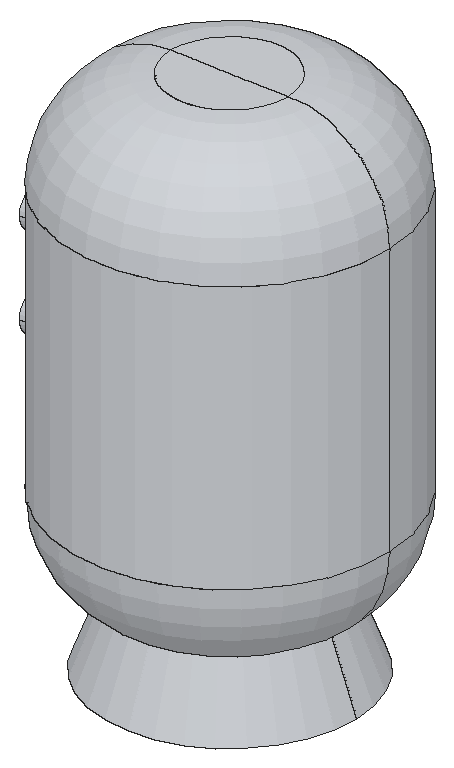
Revit family "M_Filtro de areia", category Equipamento mecânico, Revit 2019
Family settings
  Cota do conector redondo = Usar raio
  Tipo de parte = Normal
  Número OmniClass = 23.65.50.11.11.11
  Título OmniClass = Water Filters
  ID de item do Seek = Sand Filter-0000-CAN-ENU
  Com base no plano de trabalho = Não
  Sempre na vertical = Sim
  Corte com vazios quando carregada = Não
  Compartilhado = Não
  Ponto de cálculo do ambiente = Não
Parameters (values of type "2.52 LPS")
  Raio do filtro de areia = 1 / 2 * Diâmetro do filtro de areia  # 240 mm
  Altura do filtro de areia = 800 mm
  Diâmetro do filtro de areia = 480 mm
  Raio 2 = Raio do filtro de areia - 50 mm  # 190 mm
  Raio 1 = Raio do filtro de areia - 89 mm  # 151 mm
  Queda de pressão [instance] = 1970.0 Pa
  Raio da saída = 25 mm
  Diâmetro da saída = Raio da saída * 2  # 50 mm
  Raio da embocadura = 25 mm
  Diâmetro da embocadura = Raio da embocadura * 2  # 50 mm
  Fluxo [instance] = 2.52 L/s
  Material do filtro = none
  Altura do conector 2 = 520 mm
  Altura do conector 1 = 380 mm
Types (5, lengths in mm): name | Raio do filtro de areia | Altura do filtro de areia | Diâmetro do filtro de areia | Raio 2 | Raio 1 | Queda de pressão | Fluxo | Altura do conector 2 | Altura do conector 1
  (no name) | 240 | 800 | 480 | 190 | 151 | 1970.0 Pa | 2.52 L/s | 520 | 380
  2.52 LPS | 240 | 800 | 480 | 190 | 151 | 1970.0 Pa | 2.52 L/s | 520 | 380
  3.15 LPS | 262.5 | 1000 | 525 | 212.5 | 173.5 | 2320.0 Pa | 3.15 L/s | 650 | 450
  6.31 LPS | 300 | 1160 | 600 | 250 | 211 | 2610.0 Pa | 6.31 L/s | 750 | 500
  8.83 LPS | 470 | 1320 | 940 | 420 | 381 | 2940.0 Pa | 8.83 L/s | 850 | 550
Reference planes
  plane 1 "Centro (Frente/Trás)": y = 0
  plane 2: z = 0
  plane 3 "Centro (Esquerda/Direita)": x = 0
  plane 4: z = 101.6
  plane 5: x = -240
  plane 6: x = 240
  plane 7: x = -151.1
  plane 8: x = 151.1
  plane 9: z = 241.3
  plane 10: z = 800
  plane 11: z = 647.6
  plane 12: x = -87.6
  plane 13: x = 87.6
  plane 14: z = 380
  plane 15: z = 520
  plane 16: x = -290.8
  plane 17: x = -85.4
  plane 18: z = 86.7
Forms (mm)
  Blend 1, solid, material <- "Material do filtro"
    base sketch origin (0, 0, 0) x (1, 0, 0) y (0, 1, 0)
      loop
        circle (0, 0) r 151
    top sketch origin (0, 0, 0) x (1, 0, 0) y (0, 1, 0)
      loop
        circle (0, 0) r 190
    from 101.6 to 0
  Extrusion 2, solid, material <- "Material do filtro"
    sketch origin (0, 0, 0) x (0, 1, 0) y (0, 0, 1)
      loop
        circle (0, 520) r 30.162
    from -290.8 to -151.1
  Extrusion 3, solid, material <- "Material do filtro"
    sketch origin (0, 0, 0) x (0, 1, 0) y (0, 0, 1)
      loop
        circle (0, 380) r 30.163
    from -290.8 to -151.1
  Revolve 4, solid, material <- "Material do filtro"
    sketch origin (0, 0, 0) x (1, 0, 0) y (0, 0, 1)
      loop
        line (0, 800) -> (-88, 800)
        arc (-88, 800) -> (-195.48, 755.48) -> (-240, 648) r 152
        line (-240, 648) -> (-240, 241.3)
        arc (-240, 241.3) -> (-216.05, 158.645) -> (-151.62, 101.6) r 154.6
        line (-151.62, 101.6) -> (0, 101.6) -> (0, 800)
      axis (0, 800) -> (0, 101.6)
    angle from 0 to 360
Cuts and joins
  joined: Extrusion 2, Extrusion 3, Revolve 4
Lines and regions (mm)
  symbolic lines
    curve 1: circle (0, 0, 0) r 240 normal (0, 0, 1)
Dimensions and locks
  locked: plane 4 to plane 2 at 101.6
  equal spacing: plane 5, plane 3 "Centro (Esquerda/Direita)", plane 6
  "Raio do filtro de areia": plane 5 to plane 3 "Centro (Esquerda/Direita)"
  equal spacing: plane 6, plane 3 "Centro (Esquerda/Direita)", plane 5
  "Raio do filtro de areia": plane 3 "Centro (Esquerda/Direita)" to plane 5
  locked: plane 7 to plane 5 at 88.9
  locked: plane 6 to plane 8 at 88.9
  locked: plane 9 to plane 4 at 139.7
  "Altura do filtro de areia": plane 10 to plane 2
  locked: plane 10 to plane 11 at 152.4
  locked: plane 12 to plane 5 at 152.4
  locked: plane 6 to plane 13 at 152.4
  "Altura do conector 1": plane 14 to plane 2
  "Altura do conector 2": plane 15 to plane 2
  locked: plane 5 to plane 16 at 50.8
  locked: plane 9 to plane 18 at 154.6
  locked: plane 17 to plane 5 at 154.6
  "Raio 1": radius of Blend 1 sketch curve
  "Raio 2": radius of Blend 1 sketch curve
  radius of Extrusion 2 sketch curve = 30.162 mm
  radius of Extrusion 3 sketch curve = 30.163 mm
  "Raio do filtro de areia": radius of curve 1
  radius of Revolve 4 sketch curve = 154.6 mm
  aligned and locked: plane 3 "Centro (Esquerda/Direita)" to Blend 1 sketch curve  (x2)
  aligned and locked: plane 1 "Centro (Frente/Trás)" to Blend 1 sketch curve  (x2)
  aligned and locked: Blend 1 to plane 4
  aligned and locked: Blend 1 to plane 2
  aligned and locked: plane 1 "Centro (Frente/Trás)" to Extrusion 2 sketch curve
  aligned and locked: plane 15 to Extrusion 2 sketch curve
  aligned and locked: Extrusion 2 to plane 16
  aligned and locked: plane 1 "Centro (Frente/Trás)" to Extrusion 3 sketch curve
  aligned and locked: plane 14 to Extrusion 3 sketch curve
  aligned and locked: Extrusion 3 to plane 16
  aligned and locked: plane 7 to Extrusion 2
  aligned and locked: plane 7 to Extrusion 3
  aligned and locked: plane 3 "Centro (Esquerda/Direita)" to curve 1
  aligned and locked: plane 1 "Centro (Frente/Trás)" to curve 1
  aligned and locked: plane 3 "Centro (Esquerda/Direita)" to Revolve 4 sketch curve
  aligned and locked: plane 10 to Revolve 4 sketch curve
  aligned and locked: Revolve 4 sketch curve to plane 5
  aligned and locked: Revolve 4 sketch curve to Revolve 4 sketch curve
  aligned and locked: plane 4 to Revolve 4 sketch curve
Automatic sketch dimensions
  Revolve 4 sketch curve to plane 9 = 0 mm
  Revolve 4 sketch curve to plane 4 = 0 mm
  Revolve 4 sketch curve to plane 10 = 0 mm
  Revolve 4 sketch curve to plane 12 = 0.4 mm
Connectors
  piping at (-290.8, 0, 520), diameter 50, driven by "Fluxo", driven by "Raio da embocadura"
    settings: on Extrusion 2, index 1, connector inside diameter 50 mm, connector length 0 mm, flow factor 0, pipe flow 2.52 L/s, pressure drop 0.0 Pa, fitting loss kfactor 0, connector angle 0.00°, fixture units 0, engagement length 0 mm, angle of deflection 0.00°, flow configuration 1, flow direction 1, fitting loss method 0, system type 29, joint type 0, gender type 0, connector reference index -1, connector utility 0, adjustable connector no, is connector primary yes, connector description "Entrada"
  piping at (-290.8, 0, 380), diameter 50, driven by "Fluxo", driven by "Raio da saída", driven by "Queda de pressão"
    settings: on Extrusion 3, index 2, connector inside diameter 50 mm, connector length 0 mm, flow factor 0, pipe flow 2.52 L/s, pressure drop 1970.0 Pa, fitting loss kfactor 0, connector angle 0.00°, fixture units 0, engagement length 0 mm, angle of deflection 0.00°, flow configuration 0, flow direction 2, fitting loss method 4, system type 29, joint type 0, gender type 0, connector reference index -1, connector utility 0, adjustable connector no, is connector primary no, connector description "Tomada"
